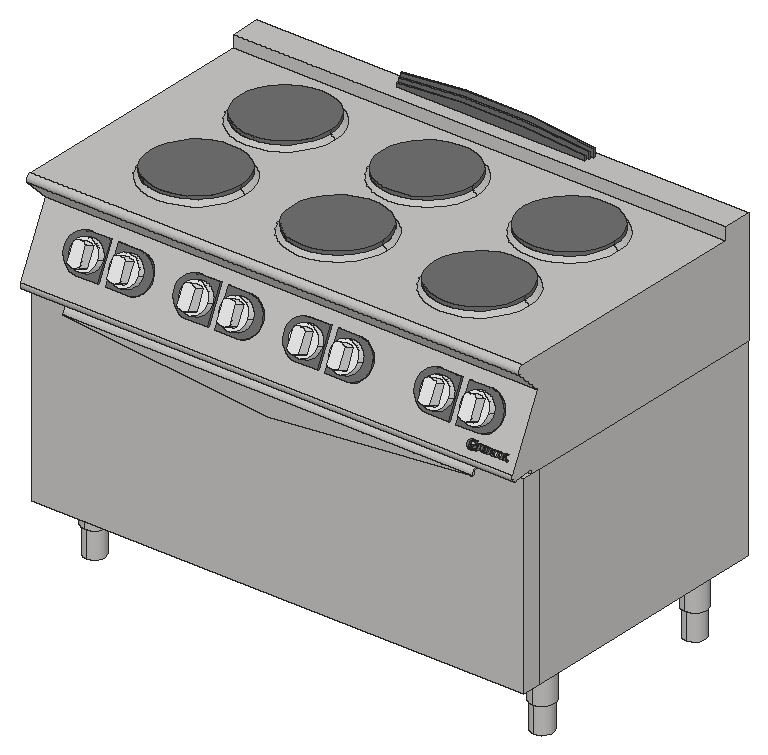
Revit family "QF_GIORIK_CE76TH", category Specialty Equipment, Revit 2014
Parameters (values of type "CE76TH")
  Weight in Pounds = 352.7392
  Watts = 24600 W
  Volts = 400 V
  URL Cutsheet = "www.giorik.com"
  URL = "www.giorik.com"
  Status [instance] = ""
  Specification by User [instance] = ""
  Specification by Manufacturer = ""
  Show Logo [instance] = yes
  Show Clearance [instance] = yes
  Serial Number = ""
  Seismic Rating = ""
  SMACNA No = ""
  Revision Code [instance] = ""
  Phase = 3
  Number of Poles [instance] = 3
  NAFEM Spec ID Number = ""
  Model = "CE76TH"
  Min Ckt Ampacity = 0 A
  Max Overcurrent Protection = 0 A
  Masterspec = ""
  Manufacturer = "GIORIK"
  Item Number [instance] = ""
  Installed By [instance] = ""
  Identify Quantity as Lot [instance] = no
  HP = "32.989092000000"
  Furnished By [instance] = ""
  Foodservice Equipment Identifier [instance] = yes
  FL Amps = 0 A
  Electrical Remarks [instance] = ""
  Electric Connection Type [instance] = ""
  Elec Conn RI Height [instance] = 0 mm
  Elec Conn Connection Height [instance] = 150 mm
  Description = "6 ELECTRIC ROUND PLATE HOB ON ELECTRIC OVEN"
  Cycle = 50 Hz
  Conn Plug = ""
  CSI MasterFormat = ""
  Assembly Code = "E1090320"
  Apparent Power = 24600 VA
Reference planes
  plane 1 "Back": y = 0
  plane 2: z = 0
  plane 3 "Left": x = 0
  plane 4 "Right": x = 1200
  plane 5 "Front": y = -720
  plane 6 "Top": z = 900
Forms (mm)
  Extrusion 1, solid
    sketch origin (-16, 1025.81, 0) x (1, 0, 0) y (0, 1, 0)
      loop
        line (25, -1086.81) -> (25, -1156.81) -> (115, -1156.81) -> (115, -1086.81) -> (25, -1086.81)
    from 148 to 150
  Extrusion 2, solid
    sketch origin (-4, 0, 130) x (1, 0, 0) y (0, 1, 0)
      loop
        circle (54, -385) r 12.5
    from 0 to 20
  Extrusion 3, solid
    sketch origin (0, 1000, -20) x (0, 1, 0) y (0, 0, 1)
      loop
        line (-1000, 919.988) -> (-1070, 919.988) -> (-1070, 889.988) -> (-1688.806, 889.988)
        arc (-1688.806, 889.988) -> (-1699.151, 883.075) -> (-1696.724, 870.873) r 11.197
        line (-1696.724, 870.873) -> (-1640.876, 815.025) -> (-1718.948, 661.258)
        arc (-1718.948, 661.258) -> (-1718.233, 650.105) -> (-1708.118, 645.354) r 10.981
        line (-1708.118, 645.354) -> (-1660, 649.925) -> (-1660, 640) -> (-1000, 640) -> (-1000, 919.988)
    from 0 to 1200
  Extrusion 4, solid
    sketch origin (0, 0, 599.536) x (1, 0, 0) y (0, 1, 0)
      loop
        line (0, -640) -> (40, -640) -> (40, -40) -> (1160, -40) -> (1160, -640) -> (1200, -640) -> (1200, 0) -> (0, 0) -> (0, -640)
    from -449.536 to 20.464
  Extrusion 5, solid
    sketch origin (0, 0, 0) x (1, 0, 0) y (0, 1, 0)
      loop
        line (40, -40) -> (40, -640) -> (1160, -640) -> (1160, -40) -> (40, -40)
    from 150 to 190
  Extrusion 6, solid
    sketch origin (-16, 560.81, 0) x (1, 0, 0) y (0, 1, 0)
      loop
        line (25, -1086.81) -> (25, -1156.81) -> (115, -1156.81) -> (115, -1086.81) -> (25, -1086.81)
    from 148 to 150
  Revolve 7, solid
    sketch origin (54, 560.81, 0) x (0, 1, 0) y (0, 0, 1)
      loop
        line (-1092.56, 66) -> (-1092.56, 148) -> (-1121.81, 148) -> (-1121.81, 0) -> (-1096.81, 0) -> (-1096.81, 66) -> (-1092.56, 66)
      axis (-1121.81, 0) -> (-1121.81, 148)
    angle from 0 to 360
  Revolve 8, solid
    sketch origin (54, 1025.81, 0) x (0, 1, 0) y (0, 0, 1)
      loop
        line (-1092.56, 66) -> (-1092.56, 148) -> (-1121.81, 148) -> (-1121.81, 0) -> (-1096.81, 0) -> (-1096.81, 66) -> (-1092.56, 66)
      axis (-1121.81, 0) -> (-1121.81, 148)
    angle from 0 to 360
  Extrusion 9, solid
    sketch origin (1216, 560.81, 0) x (-1, 0, 0) y (0, -1, 0)
      loop
        line (25, 1086.81) -> (115, 1086.81) -> (115, 1156.81) -> (25, 1156.81) -> (25, 1086.81)
    from 148 to 150
  Revolve 10, solid
    sketch origin (1146, 560.81, 0) x (0, 1, 0) y (0, 0, -1)
      loop
        line (-1092.56, -66) -> (-1096.81, -66) -> (-1096.81, 0) -> (-1121.81, 0) -> (-1121.81, -148) -> (-1092.56, -148) -> (-1092.56, -66)
      axis (-1121.81, 0) -> (-1121.81, -148)
    angle from 0 to 360
  Extrusion 11, solid
    sketch origin (1216, -1217.81, 0) x (-1, 0, 0) y (0, -1, 0)
      loop
        line (25, -1086.81) -> (25, -1156.81) -> (115, -1156.81) -> (115, -1086.81) -> (25, -1086.81)
    from 148 to 150
  Revolve 12, solid
    sketch origin (1146, -1217.81, 0) x (0, -1, 0) y (0, 0, 1)
      loop
        line (-1092.56, 66) -> (-1092.56, 148) -> (-1121.81, 148) -> (-1121.81, 0) -> (-1096.81, 0) -> (-1096.81, 66) -> (-1092.56, 66)
      axis (-1121.81, 0) -> (-1121.81, 148)
    angle from 0 to 360
  Extrusion 13, solid
    sketch origin (236.031, 0, -10.001) x (1, 0, 0) y (0, 0, 1)
      loop
        line (135, 909.989) -> (592.969, 909.989) -> (592.969, 919.989) -> (440.969, 929.989) -> (287, 929.989) -> (135, 919.989) -> (135, 909.989)
    from 32 to 35
  Extrusion 14, solid
    sketch origin (238, 10, -10.001) x (1, 0, 0) y (0, 0, 1)
      loop
        line (594, 909.989) -> (594, 924.989) -> (440, 937.489) -> (284, 937.489) -> (130, 925.001) -> (130, 909.989) -> (594, 909.989)
    from 32 to 35
  Extrusion 15, solid
    sketch origin (240, 20, -10.001) x (1, 0, 0) y (0, 0, 1)
      loop
        line (595, 909.989) -> (595, 930.001) -> (439, 945.258) -> (281, 945.258) -> (125, 929.989) -> (125, 909.989) -> (595, 909.989)
    from 32 to 35
  Extrusion 16, solid
    sketch origin (63.998, 2.499, 864.988) x (0, 1, 0) y (-1, 0, 0)
      loop
        circle (-231.5, -189.999) r 110
    from 23 to 15
  Blend 17, solid
    base sketch origin (808.358, -820.005, 869.988) x (0, 1, 0) y (-1, 0, 0)
      loop
        circle (591.004, 554.361) r 120
    top sketch origin (808.358, -820.005, 900) x (0, 1, 0) y (-1, 0, 0)
      loop
        circle (591.004, 554.361) r 110
    from 0 to -20.012
  Extrusion 18, solid
    sketch origin (63.998, -733.501, 864.988) x (0, -1, 0) y (1, 0, 0)
      loop
        circle (-231.5, 189.999) r 110
    from 23 to 15
  Blend 19, solid
    base sketch origin (808.358, 89.003, 869.988) x (0, -1, 0) y (1, 0, 0)
      loop
        circle (591.004, -554.361) r 120
    top sketch origin (808.358, 89.003, 900) x (0, -1, 0) y (1, 0, 0)
      loop
        circle (591.004, -554.361) r 110
    from 0 to -20.012
  Extrusion 20, solid
    sketch origin (789.998, 2.499, 864.988) x (0, 1, 0) y (-1, 0, 0)
      loop
        circle (-231.5, 189.999) r 110
    from 23 to 15
  Blend 21, solid
    base sketch origin (45.638, -820.005, 869.988) x (0, 1, 0) y (-1, 0, 0)
      loop
        circle (591.004, -554.361) r 120
    top sketch origin (45.638, -820.005, 900) x (0, 1, 0) y (-1, 0, 0)
      loop
        circle (591.004, -554.361) r 110
    from 0 to -20.012
  Extrusion 22, solid
    sketch origin (789.998, -733.501, 864.988) x (0, -1, 0) y (1, 0, 0)
      loop
        circle (-231.5, -189.999) r 110
    from 23 to 15
  Blend 23, solid
    base sketch origin (45.638, 89.003, 869.988) x (0, -1, 0) y (1, 0, 0)
      loop
        circle (591.004, 554.361) r 120
    top sketch origin (45.638, 89.003, 900) x (0, -1, 0) y (1, 0, 0)
      loop
        circle (591.004, 554.361) r 110
    from 0 to -20.012
  Extrusion 24, solid
    sketch origin (1135.999, 2.499, 864.988) x (0, 1, 0) y (-1, 0, 0)
      loop
        circle (-231.5, 189.999) r 110
    from 23 to 15
  Blend 25, solid
    base sketch origin (391.639, -820.005, 869.988) x (0, 1, 0) y (-1, 0, 0)
      loop
        circle (591.004, -554.361) r 120
    top sketch origin (391.639, -820.005, 900) x (0, 1, 0) y (-1, 0, 0)
      loop
        circle (591.004, -554.361) r 110
    from 0 to -20.012
  Extrusion 26, solid
    sketch origin (1135.999, -270.501, 864.988) x (0, 1, 0) y (-1, 0, 0)
      loop
        circle (-231.5, 189.999) r 110
    from 23 to 15
  Blend 27, solid
    base sketch origin (391.639, -1093.005, 869.988) x (0, 1, 0) y (-1, 0, 0)
      loop
        circle (591.004, -554.361) r 120
    top sketch origin (391.639, -1093.005, 900) x (0, 1, 0) y (-1, 0, 0)
      loop
        circle (591.004, -554.361) r 110
    from 0 to -20.012
  Extrusion 28, solid, visible <- "Show Logo"
    sketch origin (991.604, -736.761, 624.772) x (-1, 0, 0) y (0, 0.452718, 0.891654)
      loop
        line (-118.824, 58.358) -> (-127.804, 58.358) -> (-125.523, 56.445) -> (-125.523, 48.027) -> (-127.804, 46.113) -> (-118.824, 46.113) -> (-121.105, 48.027) -> (-121.105, 56.445) -> (-118.824, 58.358)
      loop
        line (-163.721, 58.358) -> (-172.7, 58.358) -> (-170.42, 56.445) -> (-170.42, 48.027) -> (-172.7, 46.113) -> (-163.721, 46.113) -> (-166.001, 48.027) -> (-166.001, 56.445) -> (-163.721, 58.358)
      loop
        line (-174.332, 58.358) -> (-183.312, 58.358) -> (-181.031, 56.445) -> (-181.031, 52.435) -> (-186.419, 56.955) -> (-184.416, 58.358) -> (-191.268, 58.358) -> (-188.01, 56.839) -> (-185.455, 54.283) -> (-190.846, 47.858) -> (-193.396, 46.93) -> (-193.396, 46.113) -> (-184.416, 46.113) -> (-185.437, 47.571) -> (-182.443, 51.552) -> (-181.031, 50.894) -> (-181.031, 48.027) -> (-183.312, 46.113) -> (-174.332, 46.113) -> (-176.613, 48.027) -> (-176.613, 56.445) -> (-174.332, 58.358)
      loop
        line (-115.429, 62.063) -> (-115.429, 54.198)
        arc (-115.429, 54.198) -> (-111.618, 57.803) -> (-106.847, 59.986) r 16.039
        arc (-106.847, 59.986) -> (-103.314, 59.837) -> (-100.512, 57.68) r 5.851
        arc (-100.512, 57.68) -> (-98.815, 52.267) -> (-100.512, 46.853) r 9.479
        arc (-100.512, 46.853) -> (-102.406, 44.986) -> (-104.846, 43.93) r 7.236
        arc (-104.846, 43.93) -> (-107.728, 44.111) -> (-110.052, 45.825) r 5.11
        line (-110.052, 45.825) -> (-110.052, 52.001) -> (-116.141, 52.001) -> (-116.141, 45.503) -> (-117.893, 43.751) -> (-114.094, 44.769)
        arc (-114.094, 44.769) -> (-112.56, 44.947) -> (-111.129, 44.366) r 3.115
        arc (-111.129, 44.366) -> (-104.216, 42.091) -> (-97.303, 44.366) r 11.641
        arc (-97.303, 44.366) -> (-93.396, 52.107) -> (-97.303, 59.849) r 9.622
        arc (-97.303, 59.849) -> (-104.369, 62.174) -> (-111.435, 59.849) r 11.898
        line (-111.435, 59.849) -> (-115.429, 62.063)
      loop
        arc (-129.234, 56.068) -> (-135.893, 58.628) -> (-142.552, 56.068) r 9.941
        arc (-142.552, 56.068) -> (-144.234, 52.286) -> (-142.552, 48.505) r 5.093
        arc (-142.552, 48.505) -> (-135.893, 45.945) -> (-129.234, 48.505) r 9.941
        arc (-129.234, 48.505) -> (-127.552, 52.286) -> (-129.234, 56.068) r 5.093
      loop
        arc (-132.628, 54.403) -> (-135.893, 57.668) -> (-139.158, 54.403) r 3.265
        line (-139.158, 54.403) -> (-139.158, 50.169)
        arc (-139.158, 50.169) -> (-135.893, 46.904) -> (-132.628, 50.169) r 3.265
        line (-132.628, 50.169) -> (-132.628, 54.403)
      loop
        arc (-156.363, 58.365) -> (-159.647, 55.081) -> (-156.363, 51.796) r 3.285
        line (-156.363, 51.796) -> (-159.529, 47.306) -> (-162.087, 46.113) -> (-155.847, 46.113) -> (-153.529, 51.083) -> (-150.637, 51.083) -> (-150.637, 47.784) -> (-153.022, 46.113) -> (-144.011, 46.113) -> (-146.094, 47.68) -> (-146.094, 56.493) -> (-144.229, 58.365) -> (-156.363, 58.365)
      loop
        line (-150.637, 57.512) -> (-153.637, 57.512)
        arc (-153.637, 57.512) -> (-156.237, 54.912) -> (-153.637, 52.312) r 2.6
        line (-153.637, 52.312) -> (-150.637, 52.312) -> (-150.637, 57.512)
      loop
        line (-108.924, 52.001) -> (-104.936, 49.005) -> (-100.948, 52.001) -> (-108.924, 52.001)
    from 1.5 to -0.5
  Extrusion 29, solid
    sketch origin (-288.221, -963.345, 67.649) x (1, 0, 0) y (0, 0.452718, 0.891654)
      loop
        line (463.221, 676.25) -> (463.221, 766.25) -> (409.698, 766.25)
        arc (409.698, 766.25) -> (364.698, 721.25) -> (409.698, 676.25) r 45
        line (409.698, 676.25) -> (463.221, 676.25)
    from 48 to 50
  Extrusion 30, solid
    sketch origin (486.331, -1008.697, 90.244) x (-1, 0, 0) y (0, -0.45351, -0.891251)
      loop
        circle (351.331, -721.346) r 35
    from 0 to 15
  Extrusion 31, solid
    sketch origin (486.331, -1008.697, 90.244) x (-1, 0, 0) y (0, -0.45351, -0.891251)
      loop
        arc (336.331, -743.846) -> (351.331, -748.846) -> (366.331, -743.846) r 25
        line (366.331, -743.846) -> (366.331, -698.846)
        arc (366.331, -698.846) -> (351.331, -693.846) -> (336.331, -698.846) r 25
        line (336.331, -698.846) -> (336.331, -743.846)
    from 15 to 40
  Extrusion 32, solid
    sketch origin (656.221, -963.345, 67.649) x (-1, 0, 0) y (0, -0.452718, -0.891654)
      loop
        line (463.221, -676.25) -> (409.698, -676.25)
        arc (409.698, -676.25) -> (364.698, -721.25) -> (409.698, -766.25) r 45
        line (409.698, -766.25) -> (463.221, -766.25) -> (463.221, -676.25)
    from 48 to 50
  Extrusion 33, solid
    sketch origin (-118.331, -1008.697, 90.244) x (1, 0, 0) y (0, 0.45351, 0.891251)
      loop
        circle (351.331, 721.346) r 35
    from 0 to 15
  Extrusion 34, solid
    sketch origin (-118.331, -1008.697, 90.244) x (1, 0, 0) y (0, 0.45351, 0.891251)
      loop
        line (336.331, 743.846) -> (336.331, 698.846)
        arc (336.331, 698.846) -> (351.331, 693.846) -> (366.331, 698.846) r 25
        line (366.331, 698.846) -> (366.331, 743.846)
        arc (366.331, 743.846) -> (351.331, 748.846) -> (336.331, 743.846) r 25
    from 15 to 40
  Extrusion 35, solid
    sketch origin (924.221, -963.345, 67.649) x (-1, 0, 0) y (0, -0.452718, -0.891654)
      loop
        line (463.221, -676.25) -> (409.698, -676.25)
        arc (409.698, -676.25) -> (364.698, -721.25) -> (409.698, -766.25) r 45
        line (409.698, -766.25) -> (463.221, -766.25) -> (463.221, -676.25)
    from 48 to 50
  Extrusion 36, solid
    sketch origin (149.669, -1008.697, 90.244) x (1, 0, 0) y (0, 0.45351, 0.891251)
      loop
        circle (351.331, 721.346) r 35
    from 0 to 15
  Extrusion 37, solid
    sketch origin (149.669, -1008.697, 90.244) x (1, 0, 0) y (0, 0.45351, 0.891251)
      loop
        line (336.331, 743.846) -> (336.331, 698.846)
        arc (336.331, 698.846) -> (351.331, 693.846) -> (366.331, 698.846) r 25
        line (366.331, 698.846) -> (366.331, 743.846)
        arc (366.331, 743.846) -> (351.331, 748.846) -> (336.331, 743.846) r 25
    from 15 to 40
  Extrusion 38, solid
    sketch origin (-20.221, -963.345, 67.649) x (1, 0, 0) y (0, 0.452718, 0.891654)
      loop
        line (463.221, 676.25) -> (463.221, 766.25) -> (409.698, 766.25)
        arc (409.698, 766.25) -> (364.698, 721.25) -> (409.698, 676.25) r 45
        line (409.698, 676.25) -> (463.221, 676.25)
    from 48 to 50
  Extrusion 39, solid
    sketch origin (754.331, -1008.697, 90.244) x (-1, 0, 0) y (0, -0.45351, -0.891251)
      loop
        circle (351.331, -721.346) r 35
    from 0 to 15
  Extrusion 40, solid
    sketch origin (754.331, -1008.697, 90.244) x (-1, 0, 0) y (0, -0.45351, -0.891251)
      loop
        arc (336.331, -743.846) -> (351.331, -748.846) -> (366.331, -743.846) r 25
        line (366.331, -743.846) -> (366.331, -698.846)
        arc (366.331, -698.846) -> (351.331, -693.846) -> (336.331, -698.846) r 25
        line (336.331, -698.846) -> (336.331, -743.846)
    from 15 to 40
  Extrusion 41, solid
    sketch origin (247.779, -963.345, 67.649) x (1, 0, 0) y (0, 0.452718, 0.891654)
      loop
        line (463.221, 676.25) -> (463.221, 766.25) -> (409.698, 766.25)
        arc (409.698, 766.25) -> (364.698, 721.25) -> (409.698, 676.25) r 45
        line (409.698, 676.25) -> (463.221, 676.25)
    from 48 to 50
  Extrusion 42, solid
    sketch origin (1022.331, -1008.697, 90.244) x (-1, 0, 0) y (0, -0.45351, -0.891251)
      loop
        circle (351.331, -721.346) r 35
    from 0 to 15
  Extrusion 43, solid
    sketch origin (1022.331, -1008.697, 90.244) x (-1, 0, 0) y (0, -0.45351, -0.891251)
      loop
        arc (336.331, -743.846) -> (351.331, -748.846) -> (366.331, -743.846) r 25
        line (366.331, -743.846) -> (366.331, -698.846)
        arc (366.331, -698.846) -> (351.331, -693.846) -> (336.331, -698.846) r 25
        line (336.331, -698.846) -> (336.331, -743.846)
    from 15 to 40
  Extrusion 44, solid
    sketch origin (1192.221, -963.345, 67.649) x (-1, 0, 0) y (0, -0.452718, -0.891654)
      loop
        line (463.221, -676.25) -> (409.698, -676.25)
        arc (409.698, -676.25) -> (364.698, -721.25) -> (409.698, -766.25) r 45
        line (409.698, -766.25) -> (463.221, -766.25) -> (463.221, -676.25)
    from 48 to 50
  Extrusion 45, solid
    sketch origin (417.669, -1008.697, 90.244) x (1, 0, 0) y (0, 0.45351, 0.891251)
      loop
        circle (351.331, 721.346) r 35
    from 0 to 15
  Extrusion 46, solid
    sketch origin (417.669, -1008.697, 90.244) x (1, 0, 0) y (0, 0.45351, 0.891251)
      loop
        line (336.331, 743.846) -> (336.331, 698.846)
        arc (336.331, 698.846) -> (351.331, 693.846) -> (366.331, 698.846) r 25
        line (366.331, 698.846) -> (366.331, 743.846)
        arc (366.331, 743.846) -> (351.331, 748.846) -> (336.331, 743.846) r 25
    from 15 to 40
  Extrusion 47, solid
    sketch origin (567.779, -963.345, 67.649) x (1, 0, 0) y (0, 0.452718, 0.891654)
      loop
        line (463.221, 676.25) -> (463.221, 766.25) -> (409.698, 766.25)
        arc (409.698, 766.25) -> (364.698, 721.25) -> (409.698, 676.25) r 45
        line (409.698, 676.25) -> (463.221, 676.25)
    from 48 to 50
  Extrusion 48, solid
    sketch origin (1342.331, -1008.697, 90.244) x (-1, 0, 0) y (0, -0.45351, -0.891251)
      loop
        circle (351.331, -721.346) r 35
    from 0 to 15
  Extrusion 49, solid
    sketch origin (1342.331, -1008.697, 90.244) x (-1, 0, 0) y (0, -0.45351, -0.891251)
      loop
        arc (336.331, -743.846) -> (351.331, -748.846) -> (366.331, -743.846) r 25
        line (366.331, -743.846) -> (366.331, -698.846)
        arc (366.331, -698.846) -> (351.331, -693.846) -> (336.331, -698.846) r 25
        line (336.331, -698.846) -> (336.331, -743.846)
    from 15 to 40
  Extrusion 50, solid
    sketch origin (1512.221, -963.345, 67.649) x (-1, 0, 0) y (0, -0.452718, -0.891654)
      loop
        line (463.221, -676.25) -> (409.698, -676.25)
        arc (409.698, -676.25) -> (364.698, -721.25) -> (409.698, -766.25) r 45
        line (409.698, -766.25) -> (463.221, -766.25) -> (463.221, -676.25)
    from 48 to 50
  Extrusion 51, solid
    sketch origin (737.669, -1008.697, 90.244) x (1, 0, 0) y (0, 0.45351, 0.891251)
      loop
        circle (351.331, 721.346) r 35
    from 0 to 15
  Extrusion 52, solid
    sketch origin (737.669, -1008.697, 90.244) x (1, 0, 0) y (0, 0.45351, 0.891251)
      loop
        line (336.331, 743.846) -> (336.331, 698.846)
        arc (336.331, 698.846) -> (351.331, 693.846) -> (366.331, 698.846) r 25
        line (366.331, 698.846) -> (366.331, 743.846)
        arc (366.331, 743.846) -> (351.331, 748.846) -> (336.331, 743.846) r 25
    from 15 to 40
  Extrusion 53, solid
    sketch origin (0, -725, 0) x (1, 0, 0) y (0, 0, 1)
      loop
        line (0, 620) -> (0, 150) -> (1200, 150) -> (1200, 620) -> (0, 620)
    from -85 to -40
  Extrusion 54, solid
    sketch origin (2.5, -725, -20.1) x (0, 1, 0) y (0, 0, 1)
      loop
        arc (25, 640.1) -> (14.393, 635.707) -> (10, 625.1) r 15
        line (10, 625.1) -> (12, 625.1)
        arc (12, 625.1) -> (15.808, 634.292) -> (25, 638.1) r 13
        line (25, 638.1) -> (40, 638.1) -> (40, 640.1) -> (25, 640.1)
    from 97.5 to 1097.5
  Extrusion 55, solid
    sketch origin (2.5, -724.905, -20.1) x (1, 0, 0) y (0, 0, 1)
      loop
        arc (97.5, 625.1) -> (597.5, 577.434) -> (1097.5, 625.1) r 2646.252
        line (1097.5, 625.1) -> (97.5, 625.1)
    from -11.905 to -9.905
  Extrusion 56, solid, visible <- "Show Clearance", detail levels coarse
    sketch origin (0, 0, 0) x (0, 1, 0) y (0, 0, 1)
      loop
        line (-685, 150) -> (-685, 620)
        arc (-685, 620) -> (-1017.34, 482.34) -> (-1155, 150) r 470
        line (-1155, 150) -> (-685, 150)
    from 0 to 1200
Lines and regions (mm)
  symbolic lines, style "200-EquipBorder-2D"
    curve 1: line (0, -720, 0) -> (1200, -720, 0)
    curve 2: line (1200, -720, 0) -> (1200, 0, 0)
    curve 3: line (1200, 0, 0) -> (0, 0, 0)
    curve 4: line (0, 0, 0) -> (0, -720, 0)
  symbolic lines, style "200-EquipInternal-2D"
    curve 5: line (0, -70, 900) -> (1200, -70, 900)
    curve 6: line (365, -12, 900) -> (835, -12, 900)
    curve 7: line (835, -12, 900) -> (835, -15, 900)
    curve 8: line (835, -15, 900) -> (365, -15, 900)
    curve 9: line (365, -15, 900) -> (365, -12, 900)
    curve 10: line (368, -22, 900) -> (832, -22, 900)
    curve 11: line (832, -22, 900) -> (832, -25, 900)
    curve 12: line (832, -25, 900) -> (368, -25, 900)
    curve 13: line (368, -25, 900) -> (368, -22, 900)
    curve 14: line (371.031, -32, 900) -> (829, -32, 900)
    curve 15: line (829, -32, 900) -> (829, -35, 900)
    curve 16: line (829, -35, 900) -> (371.031, -35, 900)
    curve 17: line (371.031, -35, 900) -> (371.031, -32, 900)
    curve 18: circle (253.998, -229.001, 900) r 120 normal (0, 0, 1)
    curve 19: circle (253.998, -229.001, 900) r 109.999 normal (0, 0, 1)
    curve 20: circle (253.998, -502.001, 900) r 109.999 normal (0, 0, 1)
    curve 21: circle (253.998, -502.001, 900) r 119.999 normal (0, 0, 1)
    curve 22: circle (599.998, -229.001, 900) r 120 normal (0, 0, -1)
    curve 23: circle (599.998, -229.001, 900) r 109.999 normal (0, 0, -1)
    curve 24: circle (599.998, -502.001, 900) r 109.999 normal (0, 0, -1)
    curve 25: circle (599.998, -502.001, 900) r 119.999 normal (0, 0, -1)
    curve 26: circle (945.999, -229.001, 900) r 120 normal (0, 0, -1)
    curve 27: circle (945.999, -229.001, 900) r 109.999 normal (0, 0, -1)
    curve 28: circle (945.999, -502.001, 900) r 120 normal (0, 0, -1)
    curve 29: circle (945.999, -502.001, 900) r 109.999 normal (0, 0, -1)
  symbolic lines, style "QF_Door-Drawer Clearances", visible <- "Show Clearance", detail levels coarse
    curve 30: line (0, -720, 0) -> (0, -1155, 0)
    curve 31: line (0, -1155, 900) -> (1200, -1155, 900)
    curve 32: line (1200, -1155, 900) -> (1200, -720, 900)
Dimensions and locks
  plane 3 "Left" to plane 4 "Right" = 1200 mm
  plane 5 "Front" to plane 1 "Back" = 720 mm
  plane 4 "Right" to plane 3 "Left" = 1200 mm
  plane 1 "Back" to plane 5 "Front" = 720 mm
  plane 6 "Top" to level = 900 mm  (x2)
  aligned and locked: level to plane 2
Connectors
  electrical at (50, -385, 130), driven by "Apparent Power", driven by "Volts", driven by "Number of Poles"
    settings: on Extrusion 2, index 1, voltage 400 V, apparent load 0 VA, apparent load phase1 24600 VA, apparent load phase2 0 VA, apparent load phase3 0 VA, power factor 1, load classification "Other", number of poles 3, system type 31, power factor state 1, is connector primary yes, connector utility no, sub classification motor no, connector description "Electrical connection"
